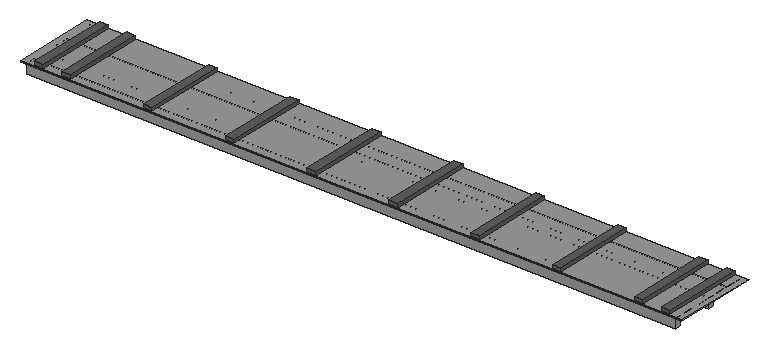
Revit family "9100-A", category Generic Models, host Ceiling, Revit 2020
Family settings
  Host = Ceiling
  Can host rebar = No
  Round Connector Dimension = Use Diameter
  Part Type = Normal
  Always vertical = Yes
  Cut with Voids When Loaded = No
  Shared = No
  Room Calculation Point = No
Parameters
  min_value [instance] = 1' - 11 1/4"  # constant formula
  max_value [instance] = 11' - 11 1/4"  # constant formula
  actual_value [instance] = if(NET LENGTH < min_value, min_value, if(NET LENGTH > max_value, max_value, NET LENGTH))  # 7' - 11 1/4"
  SCRIM MATERIAL [instance] = SCRIM
  SCRIM [instance] = yes
  IMPORTANT NOTE!!!                                                                             *Backer layout is for visualization purposes only, final layout to be determined by 9Wood. = ""
  Default Elevation = 0' - 0"
  BACKER MATERIAL [instance] = BLACK-BACKERS
  .. MEMBER MATERIAL [instance] = Solid Western Hemlock
  NET LENGTH [instance] = 7' - 11 1/4"
  .. MEMBER LENGTH [instance] = actual_value  # 7' - 11 1/4"
Reference planes (in)
  plane 1 "Center (Front/Back)": y = 0
  plane 2 "Ceiling": z = 96
  plane 3 "Center (Left/Right)": x = 0
Dimensions and locks (in)
  equal spacing: host sketch curve, plane 3 "Center (Left/Right)", host sketch curve
  equal spacing: host sketch curve, plane 1 "Center (Front/Back)", host sketch curve
  host sketch curve to host sketch curve = 10' - 0"  (x2)
  aligned and locked: host ceiling to nested 1
Nested families (in)
  nested 1: "9100-C SERIES CONFIG - 6 MEMBER" at (19.74957, -10.64453, 95.5), .. MEMBER LENGTH <- ".. MEMBER LENGTH", .. MEMBER MATERIAL <- ".. MEMBER MATERIAL", BACKING M MATERIAL <- "BACKER MATERIAL", SCRIM  MATERIAL <- "SCRIM MATERIAL", SCRIM <- "SCRIM", type "9100-C SERIES CONFIG - 6 MEMBER"
    with X 7' - 8", SCRIM OVERHANG 2 0' - 0 3/32", SCRIM OVERHANG 0' - 0 7/8", SCRIM LENGTH 8' - 1", SCRIM  MATERIAL SCRIM, SCRIM yes, NOMINAL LENGTH 6, N 8, Inset 6' - 0 3/8", INSET 0' - 1", INDEX 0' - 5 5/8", HYBRID SPACING 5 0' - 9 7/32", HYBRID SPACING 4 0' - 7 9/32", HYBRID SPACING 3 0' - 6", HYBRID SPACING 2 0' - 3 7/32", HYBRID SPACING 1 0' - 1 9/32", HYBRID DIM 3.25" 0' - 3 1/4", HYBRID DIM 2.25" 0' - 2 1/4", HYBRID DIM 1.375" 0' - 1 3/8", HYBRID DIM 0.625" 0' - 0 3/4", HALF MEMBER WIDTH 0' - 0 3/8", HALF LENGTH 3' - 11 5/8", END BACKER yes, BACKING M WIDTH 0' - 1 1/4", BACKING M OC SPACING 1' - 0", BACKING M MATERIAL BLACK-BACKERS, BACKING M LENGTH 0' - 11 7/8", BACKING M DEPTH 0' - 0 1/2", BACKING M COUNT 8, 3/16" INSET 0' - 0 3/16", .. MEMBER WIDTH 0' - 0 5/8", .. MEMBER OC SPACING 0' - 3", .. MEMBER MATERIAL Solid Western Hemlock, .. MEMBER LENGTH 7' - 11 1/4", .. MEMBER DEPTH 0' - 0 5/8", .. MEMBER COUNT 4
Definition of nested family "9100-C SERIES CONFIG - 6 MEMBER"
  Parameters (values of type "9100-C SERIES CONFIG - 6 MEMBER")
    X [instance] = .. MEMBER LENGTH - 0' 3 1/4"  # 6' - 8"
    SCRIM OVERHANG 2 [instance] = 0' - 0 3/32"  # constant formula
    SCRIM OVERHANG [instance] = 0' - 0 7/8"  # constant formula
    SCRIM LENGTH [instance] = .. MEMBER LENGTH + (SCRIM OVERHANG * 2)  # 7' - 1"
    SCRIM  MATERIAL [instance] = none
    SCRIM [instance] = yes
    NOMINAL LENGTH [instance] = 6
    N [instance] = if((X - (rounddown(X / 1' 0") * 1' 0")) > 1' 0", rounddown(X / 1' 0") + 2, rounddown(X / 1' 0") + 1)  # 7
    Inset [instance] = 6' - 0 3/8"  # constant formula
    INSET [instance] = 0' - 1"  # constant formula
    INDEX [instance] = (.. MEMBER LENGTH - ((N - 1) * 1' 0")) / 2  # 0' - 5 5/8"
    HYBRID SPACING 5 [instance] = 0' - 9 7/32"  # constant formula
    HYBRID SPACING 4 [instance] = 0' - 7 9/32"  # constant formula
    HYBRID SPACING 3 [instance] = 0' - 6"  # constant formula
    HYBRID SPACING 2 [instance] = 0' - 3 7/32"  # constant formula
    HYBRID SPACING 1 [instance] = 0' - 1 9/32"  # constant formula
    HYBRID DIM 3.25" [instance] = 0' - 3 1/4"  # constant formula
    HYBRID DIM 2.25" [instance] = 0' - 2 1/4"  # constant formula
    HYBRID DIM 1.375" [instance] = 0' - 1 3/8"  # constant formula
    HYBRID DIM 0.625" [instance] = 0' - 0 3/4"  # constant formula
    HALF MEMBER WIDTH [instance] = [HYBRID DIM 0.625"] / 2  # 0' - 0 3/8"
    HALF LENGTH [instance] = .. MEMBER LENGTH / 2  # 3' - 5 5/8"
    END BACKER [instance] = INDEX > 0' 3 5/8"  # yes
    Default Elevation = 0' - 0"
    BACKING M WIDTH [instance] = 0' - 1 1/4"
    BACKING M MATERIAL [instance] = none
    BACKING M LENGTH [instance] = 0' - 11 7/8"
    BACKING M DEPTH [instance] = 0' - 0 1/2"
    BACKING M COUNT [instance] = N  # 7
    BACKING M OC SPACING [instance] = 1' - 0"  # constant formula
    3/16" INSET [instance] = 0' - 0 3/16"  # constant formula
    .. MEMBER WIDTH [instance] = 0' - 0 3/4"
    .. MEMBER OC SPACING [instance] = 1' 0" / .. MEMBER COUNT  # 0' - 3"
    .. MEMBER MATERIAL [instance] = none
    .. MEMBER LENGTH [instance] = 6' - 11 1/4"
    .. MEMBER DEPTH [instance] = 0' - 0 3/4"
    .. MEMBER COUNT [instance] = 4
  Reference planes (in)
    plane 1 "Center (Front/Back)": y = -2
    plane 2: z = 0
    plane 3 "Center (Left/Right)": x = 0
    plane 4: x = 1
    plane 5: x = 5.625
    plane 6: x = 41.625
    plane 7: x = 83.25
    plane 8: x = 82.25
    plane 9: x = 17.625
    plane 10: y = -1.8125
    plane 11: y = -0.71875
    plane 12: x = 84.125
    plane 13: x = -0.875
    plane 14: z = 0.11056
    plane 15: y = 1.21875
    plane 16: y = 4
    plane 17: y = -1.625
    plane 18: y = 5.28125
    plane 19: y = 7.21875
    plane 20: y = -2.09375
    plane 21: y = 10.0625
    plane 22: y = 10.15625
  Dimensions and locks (in)
    "INSET": plane 3 "Center (Left/Right)" to plane 4
    "INDEX": plane 3 "Center (Left/Right)" to plane 5
    "HALF LENGTH": plane 3 "Center (Left/Right)" to plane 6
    ".. MEMBER LENGTH": plane 3 "Center (Left/Right)" to plane 7
    "INSET": plane 8 to plane 7
    equal spacing: group 1, group 2, group 3, group 4, group 5, group 6, group 7  (x3)
    "3/16" INSET": plane 1 "Center (Front/Back)" to plane 10
    "SCRIM OVERHANG": plane 13 to plane 3 "Center (Left/Right)"
    "SCRIM OVERHANG": plane 7 to plane 12
    "BACKING M OC SPACING": plane 5 to plane 9
    "HYBRID SPACING 1": plane 1 "Center (Front/Back)" to plane 11
    "HYBRID SPACING 2": plane 1 "Center (Front/Back)" to plane 15
    "HYBRID SPACING 3": plane 1 "Center (Front/Back)" to plane 16
    "HALF MEMBER WIDTH": plane 1 "Center (Front/Back)" to plane 17
    "HYBRID SPACING 4": plane 1 "Center (Front/Back)" to plane 18
    "HYBRID SPACING 5": plane 1 "Center (Front/Back)" to plane 19
    "SCRIM OVERHANG 2": plane 22 to plane 21
    "SCRIM OVERHANG 2": plane 20 to plane 1 "Center (Front/Back)"
    aligned and locked: level to plane 2
    aligned and locked: plane 6 to nested 1
    aligned and locked: nested 2 to plane 4
    aligned and locked: plane 5 to nested 3
    aligned and locked: nested 2 to plane 10
    aligned and locked: nested 3 to plane 10
    aligned and locked: nested 5 to plane 10
    aligned and locked: nested 4 to plane 10
    aligned and locked: nested 8 to plane 13
    aligned and locked: nested 9 to plane 3 "Center (Left/Right)"  (x2)
    aligned and locked: plane 9 to nested 5
    aligned and locked: plane 8 to nested 4
    aligned and locked: plane 11 to nested 9
    aligned and locked: nested 10 to plane 15
    aligned and locked: nested 14 to plane 16
    aligned and locked: nested 14 to plane 3 "Center (Left/Right)"
    aligned and locked: nested 10 to plane 3 "Center (Left/Right)"
    aligned and locked: plane 3 "Center (Left/Right)" to nested 9
    aligned and locked: nested 1 to plane 3 "Center (Left/Right)"
    aligned and locked: nested 1 to plane 17
    aligned and locked: nested 15 to plane 18
    aligned and locked: nested 16 to plane 19
    aligned and locked: nested 16 to plane 3 "Center (Left/Right)"
    aligned and locked: nested 15 to plane 3 "Center (Left/Right)"
    aligned and locked: plane 3 "Center (Left/Right)" to nested 14
    aligned and locked: plane 3 "Center (Left/Right)" to nested 10
    aligned and locked: plane 3 "Center (Left/Right)" to nested 1
    aligned and locked: plane 21 to nested 7
    aligned and locked: nested 8 to plane 20
    aligned and locked: plane 22 to nested 8
  Nested families (in)
    nested 1: "INSTANCE - Parametric Cube" at (41.625, -1.625, -0.0625), Length <- "HYBRID DIM 0.625"", Height <- "HYBRID DIM 1.375"", Width <- ".. MEMBER LENGTH", Material <- ".. MEMBER MATERIAL", type "INSTANCE - Parametric Cube"
      with Width 6' - 11 1/4", Material none, Length 0' - 0 3/4", Height 0' - 1 3/8"
    nested 2: "2ND INSTANCE - Parametric Cube" at (1.625, 4.125, 0), Height <- "BACKING M DEPTH", Length <- "BACKING M LENGTH", Width <- "BACKING M WIDTH", Material <- "BACKING M MATERIAL", visible <- "END BACKER", type "2ND INSTANCE - Parametric Cube"
      with Width 0' - 1 1/4", Material none, Length 0' - 11 7/8", Height 0' - 0 1/2"
    nested 3: "2ND INSTANCE - Parametric Cube" at (5.625, 4.125, 0), Length <- "BACKING M LENGTH", Height <- "BACKING M DEPTH", Width <- "BACKING M WIDTH", Material <- "BACKING M MATERIAL", type "2ND INSTANCE - Parametric Cube"
      with Width 0' - 1 1/4", Material none, Length 0' - 11 7/8", Height 0' - 0 1/2"
    nested 4: "2ND INSTANCE - Parametric Cube" at (81.625, 4.125, 0), Width <- "BACKING M WIDTH", Length <- "BACKING M LENGTH", Height <- "BACKING M DEPTH", Material <- "BACKING M MATERIAL", visible <- "END BACKER", type "2ND INSTANCE - Parametric Cube"
      with Width 0' - 1 1/4", Material none, Length 0' - 11 7/8", Height 0' - 0 1/2"
    nested 5: "2ND INSTANCE - Parametric Cube" at (17.625, 4.125, 0), Length <- "BACKING M LENGTH", Height <- "BACKING M DEPTH", Width <- "BACKING M WIDTH", Material <- "BACKING M MATERIAL", type "2ND INSTANCE - Parametric Cube"
      with Width 0' - 1 1/4", Material none, Length 0' - 11 7/8", Height 0' - 0 1/2"
    nested 6: "2ND INSTANCE - Parametric Cube" at (29.625, 4.125, 0), Length <- "BACKING M LENGTH", Height <- "BACKING M DEPTH", Width <- "BACKING M WIDTH", Material <- "BACKING M MATERIAL", type "2ND INSTANCE - Parametric Cube"
      with Width 0' - 1 1/4", Material none, Length 0' - 11 7/8", Height 0' - 0 1/2"
    nested 7: "2ND INSTANCE - Parametric Cube" at (41.625, 4.125, 0), Length <- "BACKING M LENGTH", Height <- "BACKING M DEPTH", Width <- "BACKING M WIDTH", Material <- "BACKING M MATERIAL", type "2ND INSTANCE - Parametric Cube"
      with Width 0' - 1 1/4", Material none, Length 0' - 11 7/8", Height 0' - 0 1/2"
    nested 8: "3RD INSTANCE - Parametric Cube" at (41.625, 4.03125, -0.0625), Width <- "SCRIM LENGTH", Material <- "SCRIM  MATERIAL", visible <- "SCRIM", type "3RD INSTANCE - Parametric Cube"
      with Width 7' - 1", Material none, Length 1' - 0 1/4", Height 0' - 0 1/16"
    nested 9: "INSTANCE - Parametric Cube" at (41.625, -0.03125, -0.0625), Length <- "HYBRID DIM 1.375"", Height <- ".. MEMBER DEPTH", Width <- ".. MEMBER LENGTH", Material <- ".. MEMBER MATERIAL", type "INSTANCE - Parametric Cube"
      with Width 6' - 11 1/4", Material none, Length 0' - 1 3/8", Height 0' - 0 3/4"
    nested 10: "INSTANCE - Parametric Cube" at (41.625, 2.34375, -0.0625), Length <- "HYBRID DIM 2.25"", Height <- ".. MEMBER DEPTH", Width <- ".. MEMBER LENGTH", Material <- ".. MEMBER MATERIAL", type "INSTANCE - Parametric Cube"
      with Width 6' - 11 1/4", Material none, Length 0' - 2 1/4", Height 0' - 0 3/4"
    nested 11: "2ND INSTANCE - Parametric Cube" at (53.625, 4.125, 0), Length <- "BACKING M LENGTH", Height <- "BACKING M DEPTH", Width <- "BACKING M WIDTH", Material <- "BACKING M MATERIAL", type "2ND INSTANCE - Parametric Cube"
      with Width 0' - 1 1/4", Material none, Length 0' - 11 7/8", Height 0' - 0 1/2"
    nested 12: "2ND INSTANCE - Parametric Cube" at (65.625, 4.125, 0), Length <- "BACKING M LENGTH", Height <- "BACKING M DEPTH", Width <- "BACKING M WIDTH", Material <- "BACKING M MATERIAL", type "2ND INSTANCE - Parametric Cube"
      with Width 0' - 1 1/4", Material none, Length 0' - 11 7/8", Height 0' - 0 1/2"
    nested 13: "2ND INSTANCE - Parametric Cube" at (77.625, 4.125, 0), Length <- "BACKING M LENGTH", Height <- "BACKING M DEPTH", Width <- "BACKING M WIDTH", Material <- "BACKING M MATERIAL", type "2ND INSTANCE - Parametric Cube"
      with Width 0' - 1 1/4", Material none, Length 0' - 11 7/8", Height 0' - 0 1/2"
    nested 14: "INSTANCE - Parametric Cube" at (41.625, 4.375, -0.0625), Length <- "HYBRID DIM 0.625"", Height <- "HYBRID DIM 1.375"", Width <- ".. MEMBER LENGTH", Material <- ".. MEMBER MATERIAL", type "INSTANCE - Parametric Cube"
      with Width 6' - 11 1/4", Material none, Length 0' - 0 3/4", Height 0' - 1 3/8"
    nested 15: "INSTANCE - Parametric Cube" at (41.625, 5.96875, -0.0625), Length <- "HYBRID DIM 1.375"", Height <- "HYBRID DIM 0.625"", Width <- ".. MEMBER LENGTH", Material <- ".. MEMBER MATERIAL", type "INSTANCE - Parametric Cube"
      with Width 6' - 11 1/4", Material none, Length 0' - 1 3/8", Height 0' - 0 3/4"
    nested 16: "INSTANCE - Parametric Cube" at (41.625, 8.34375, -0.0625), Length <- "HYBRID DIM 2.25"", Height <- ".. MEMBER DEPTH", Width <- ".. MEMBER LENGTH", Material <- ".. MEMBER MATERIAL", type "INSTANCE - Parametric Cube"
      with Width 6' - 11 1/4", Material none, Length 0' - 2 1/4", Height 0' - 0 3/4"
  Definition of nested family "INSTANCE - Parametric Cube"
    Parameters (values of type "INSTANCE - Parametric Cube")
      Width [instance] = 0' - 6"
      Material [instance] = none
      Length [instance] = 1' - 0"
      Height [instance] = 1' - 6"
      Default Elevation = 0' - 0"
    Reference planes (in)
      plane 1 "Center (Front/Back)": y = 0
      plane 2: z = 0
      plane 3 "Center (Left/Right)": x = 0
      plane 4: x = -3
      plane 5: x = 3
      plane 6: y = 6
      plane 7: y = -6
      plane 8: z = -18
    Forms (in)
      Extrusion 1, solid, material <- "Material"
        sketch origin (0, 0, 0) x (1, 0, 0) y (0, 1, 0)
          loop
            line (-3, 6) -> (-3, -6) -> (3, -6) -> (3, 6) -> (-3, 6)
        from -18 to 0
    Dimensions and locks (in)
      equal spacing: plane 4, plane 3 "Center (Left/Right)", plane 5
      equal spacing: plane 6, plane 1 "Center (Front/Back)", plane 7
      "Length": plane 6 to plane 7
      "Width": plane 4 to plane 5
      "Height": plane 8 to level
      aligned and locked: plane 2 to level
      aligned and locked: Extrusion 1 sketch curve to plane 6
      aligned and locked: plane 4 to Extrusion 1 sketch curve
      aligned and locked: plane 7 to Extrusion 1 sketch curve
      aligned and locked: Extrusion 1 sketch curve to plane 5
      aligned and locked: Extrusion 1 to plane 8
  Definition of nested family "2ND INSTANCE - Parametric Cube"
    Parameters (values of type "2ND INSTANCE - Parametric Cube")
      Width [instance] = 0' - 6"
      Material [instance] = none
      Length [instance] = 1' - 0"
      Height [instance] = 1' - 6"
      Default Elevation = 0' - 0"
    Reference planes (in)
      plane 1 "Center (Front/Back)": y = 0
      plane 2: z = 0
      plane 3 "Center (Left/Right)": x = 0
      plane 4: x = -3
      plane 5: x = 3
      plane 6: y = 6
      plane 7: y = -6
      plane 8: z = 18
    Forms (in)
      Extrusion 1, solid, material <- "Material"
        sketch origin (0, 0, 0) x (1, 0, 0) y (0, 1, 0)
          loop
            line (-3, 6) -> (-3, -6) -> (3, -6) -> (3, 6) -> (-3, 6)
        from 0 to 18
    Dimensions and locks (in)
      equal spacing: plane 4, plane 3 "Center (Left/Right)", plane 5
      equal spacing: plane 6, plane 1 "Center (Front/Back)", plane 7
      "Length": plane 6 to plane 7
      "Width": plane 4 to plane 5
      "Height": level to plane 8
      aligned and locked: plane 2 to level
      aligned and locked: Extrusion 1 sketch curve to plane 6
      aligned and locked: plane 4 to Extrusion 1 sketch curve
      aligned and locked: plane 7 to Extrusion 1 sketch curve
      aligned and locked: Extrusion 1 sketch curve to plane 5
      aligned and locked: plane 8 to Extrusion 1
      aligned and locked: Extrusion 1 to level
  Definition of nested family "3RD INSTANCE - Parametric Cube"
    Parameters (values of type "3RD INSTANCE - Parametric Cube")
      Width [instance] = 0' - 6"
      Material [instance] = none
      Length [instance] = 1' - 0"
      Height [instance] = 1' - 6"
      Default Elevation = 0' - 0"
    Reference planes (in)
      plane 1 "Center (Front/Back)": y = 0
      plane 2: z = 0
      plane 3 "Center (Left/Right)": x = 0
      plane 4: x = -3
      plane 5: x = 3
      plane 6: y = 6
      plane 7: y = -6
      plane 8: z = 18
    Forms (in)
      Extrusion 1, solid, material <- "Material"
        sketch origin (0, 0, 0) x (1, 0, 0) y (0, 1, 0)
          loop
            line (-3, 6) -> (-3, -6) -> (3, -6) -> (3, 6) -> (-3, 6)
        from 0 to 18
    Dimensions and locks (in)
      equal spacing: plane 4, plane 3 "Center (Left/Right)", plane 5
      equal spacing: plane 6, plane 1 "Center (Front/Back)", plane 7
      "Length": plane 6 to plane 7
      "Width": plane 4 to plane 5
      "Height": level to plane 8
      aligned and locked: plane 2 to level
      aligned and locked: Extrusion 1 sketch curve to plane 6
      aligned and locked: plane 4 to Extrusion 1 sketch curve
      aligned and locked: plane 7 to Extrusion 1 sketch curve
      aligned and locked: Extrusion 1 sketch curve to plane 5
      aligned and locked: plane 8 to Extrusion 1
      aligned and locked: Extrusion 1 to level
